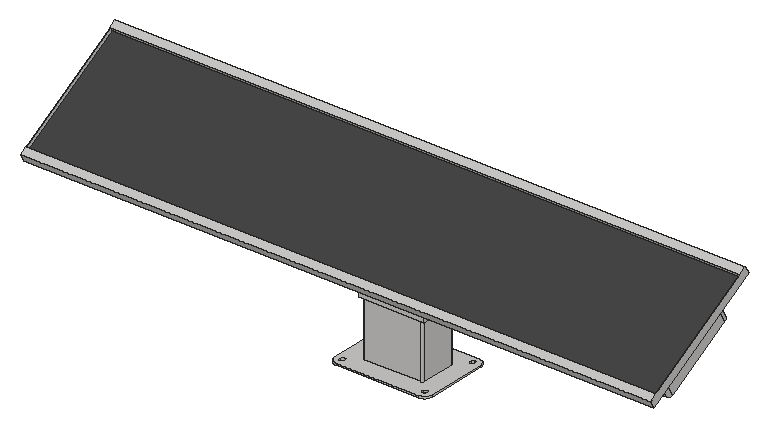
Revit family "Heater-Bromic-Platinum-Electric-Wall-Mounted2", category Mechanical Equipment, host Face, Revit 2020
Family settings
  Host = Face
  Round Connector Dimension = Use Diameter
  Classification = None
  Part Type = Normal
  OmniClass Number = 23.75.10.14
  OmniClass Title = Independent Electric Heating Units
  Cut with Voids When Loaded = Yes
  Shared = No
  Room Calculation Point = No
Parameters (values of type "Not a Type - Laod Type Catalog!")
  calcWidth = if(Heater Type Selector = 1, 7.17", if(Heater Type Selector = 2, 7.17", 10.1"))  # 7.17"
  calcSuspendedHeight [instance] = 9.64567"  # constant formula
  calcLength = if(Heater Type Selector = 1, 33.07", if(Heater Type Selector = 2, 50.2", 53.2"))  # 33.07"
  calcDepth = 2.12598"  # constant formula
  Width = 7"  # constant formula
  Weight = if(Heater Type Selector = 1, 16.50 lbm, if(Heater Type Selector = 2, 22.00 lbm, 16.50 lbm))  # 16.50 lbm
  Wattage = if(Heater Type Selector = 1, 2300 W, if(Heater Type Selector = 2, 3400 W, 4500 W))  # 2300 W
  Voltage = 208 V
  Utility = no
  URL = "https://www.bromic.com/product/platinum-smart-heat-electric/"
  ProductCode = "ProductCode not specified - Load Type Catalog!"
  Product data url = "https://www.bimobject.com/bromic-heating/product/platinum-smart-heat-electric"
  Power Factor = 1
  Number of Poles = 1
  Mounting Type Info [instance] = "Wall Mounted - Angle Mount"  # constant formula
  Material = Metal-Steel-Stainless-Bromic
  Masking_2 = no
  Masking_1 = yes
  Load Sub-Classification Motor = no
  Load Classification = Power
  Length = if(Heater Type Selector = 2, 50.2", 33")  # 33"
  Heater Type Selector = 1
  Screen Material = Ceramic-Tinted-Bromic-Black
  Show Clearance [instance] = no
  Model = "Platinum Smart-Heat™ Electric"  # constant formula
  Manufacturer = "Bromic Heating"  # constant formula
  Head Clearance = 6"  # constant formula
  Frequency = 50 Hz
  Floor Clearance = 72"  # constant formula
  End Clearance = 12"  # constant formula
  Description = "The Platinum Smart-Heat™ Electric excels in efficiency, packing profound performance into a sleek package to suit high-end, style-centric settings. Designed specifically with low-clearance, semi-enclosed and aesthetically-focused spaces in mind, this heater minimizes light emission to blend seamlessly into rooflines with the aid of recess kits or stylishly mount to a number of other surfaces."  # constant formula
  Depth = 2"  # constant formula
  Default Elevation = 48"
  Connector Description = ""
  Approximate Heat Area = if(Heater Type Selector = 1, 65.00 SF, if(Heater Type Selector = 2, 108.00 SF, 65.00 SF))  # 65.00 SF
  Apparent Load = if(Heater Type Selector = 1, 2300 VA, if(Heater Type Selector = 2, 3400 VA, 4500 VA))  # 2300 VA
  Angle [instance] = 60.00°  # constant formula
Reference planes (in)
  plane 1 "Center (Front/Back)": y = 0
  plane 2: z = 0
  plane 3 "Center (Left/Right)": x = 0
  plane 4: z = 7.44094
  plane 5: z = 9.64567
  plane 6: x = -16.535
  plane 7: x = -28.535
  plane 8: x = 16.535
  plane 9: x = 28.535
  plane 10: y = 3.585
  plane 11: y = -3.585
  plane 12: y = 7.69291
  plane 13: y = -76.80315
  plane 14: z = 0.07874
  plane 15: z = 4.72293
  plane 16: z = 7.51969
  plane 17: x = -17.12555
  plane 18: x = 17.12555
  plane 19: y = -0.5748
  plane 20: z = 6.02362
  plane 21: y = 1.69291
  plane 22: y = -4.80315
Forms (in)
  Extrusion 1, solid, material "Metal-Steel-Stainless-Bromic" <- "Material", detail levels coarse+medium
    sketch origin (0, 0, 0) x (1, 0, 0) y (0, 1, 0)
      loop
        arc (-2.55906, -1.5748) -> (-2.44374, -1.85319) -> (-2.16535, -1.9685) r 0.3937
        line (-2.16535, -1.9685) -> (2.16535, -1.9685)
        arc (2.16535, -1.9685) -> (2.44374, -1.85319) -> (2.55906, -1.5748) r 0.3937
        line (2.55906, -1.5748) -> (2.55906, 1.5748)
        arc (2.55906, 1.5748) -> (2.44374, 1.85319) -> (2.16535, 1.9685) r 0.3937
        line (2.16535, 1.9685) -> (-2.16535, 1.9685)
        arc (-2.16535, 1.9685) -> (-2.44374, 1.85319) -> (-2.55906, 1.5748) r 0.3937
        line (-2.55906, 1.5748) -> (-2.55906, -1.5748)
    from 0 to 0.07874
  Extrusion 2, solid, material "Metal-Steel-Stainless-Bromic" <- "Material", detail levels fine
    sketch origin (0, 0, 0) x (1, 0, 0) y (0, 1, 0)
      loop
        arc (-2.55906, -1.5748) -> (-2.44374, -1.85319) -> (-2.16535, -1.9685) r 0.3937
        line (-2.16535, -1.9685) -> (2.16535, -1.9685)
        arc (2.16535, -1.9685) -> (2.44374, -1.85319) -> (2.55906, -1.5748) r 0.3937
        line (2.55906, -1.5748) -> (2.55906, 1.5748)
        arc (2.55906, 1.5748) -> (2.44374, 1.85319) -> (2.16535, 1.9685) r 0.3937
        line (2.16535, 1.9685) -> (-2.16535, 1.9685)
        arc (-2.16535, 1.9685) -> (-2.44374, 1.85319) -> (-2.55906, 1.5748) r 0.3937
        line (-2.55906, 1.5748) -> (-2.55906, -1.5748)
      loop
        circle (-2.16535, -1.5748) r 0.12795
      loop
        circle (2.16535, -1.5748) r 0.12795
      loop
        circle (2.16535, 1.5748) r 0.12795
      loop
        circle (-2.16535, 1.5748) r 0.12795
    from 0 to 0.07874
  Extrusion 3, solid, material "Metal-Steel-Stainless-Bromic" <- "Material"
    sketch origin (0, 0, -1.20079) x (0, 1, 0) y (0, 0, 1)
      loop
        line (1.06299, 4.15354) -> (1.06299, 6.35617) -> (0.31695, 7.64834) -> (-1.38782, 6.66409) -> (-1.06299, 6.10147) -> (-1.06299, 4.15354) -> (1.06299, 4.15354)
    from -1.69291 to 1.69291
  Extrusion 4, solid, material "Metal-Steel-Stainless-Bromic" <- "Material"
    sketch origin (0, 2.55118, 0) x (1, 0, 0) y (0, 1, 0)
      loop
        line (-1.5748, -1.64567) -> (-1.5748, -3.41732)
        arc (-1.5748, -3.41732) -> (-1.54021, -3.50084) -> (-1.45669, -3.53543) r 0.11811
        line (-1.45669, -3.53543) -> (1.45669, -3.53543)
        arc (1.45669, -3.53543) -> (1.54021, -3.50084) -> (1.5748, -3.41732) r 0.11811
        line (1.5748, -3.41732) -> (1.5748, -1.64567)
        arc (1.5748, -1.64567) -> (1.55174, -1.58999) -> (1.49606, -1.56693) r 0.07874
        line (1.49606, -1.56693) -> (-1.49606, -1.56693)
        arc (-1.49606, -1.56693) -> (-1.55174, -1.58999) -> (-1.5748, -1.64567) r 0.07874
    from 0.07874 to 2.95276
  Extrusion 5, solid, material "Metal-Steel-Stainless-Bromic" <- "Material"
    sketch origin (0, 0, 0) x (0, 1, 0) y (0, 0, 1)
      loop
        line (0.99886, 6.84126) -> (0.95949, 6.90945) -> (-2.1091, 5.1378) -> (-2.06973, 5.0696) -> (0.99886, 6.84126)
    from -2.75591 to 2.75591
Lines and regions (in)
  Masking region 1, visible <- "Masking_1"
    outline origin (0, 0, 0) x (1, 0, 0) y (0, 0, 1)
      loop
        line (16.535, 9.28223) -> (16.535, 9.65728) -> (-16.535, 9.65728) -> (-16.535, 9.28223) -> (16.535, 9.28223)
  Masking region 2, visible <- "Masking_1"
    outline origin (0, 0, 0) x (1, 0, 0) y (0, 0, 1)
      loop
        spline (15.55075, 7.10746) -> (15.57644, 7.10662) -> (15.6017, 7.10411) -> (15.62608, 7.09997) -> (15.64917, 7.09427) -> (15.67058, 7.08712) -> (15.68994, 7.07863) -> (15.70692, 7.06895) -> (15.72123, 7.05825) -> (15.73261, 7.0467) -> (15.74089, 7.03451) -> (15.74591, 7.02188) -> (15.7476, 7.00904)
        line (15.7476, 7.00904) -> (15.7476, 8.47514)
        spline (15.7476, 8.47514) -> (15.74591, 8.48799) -> (15.74089, 8.50062) -> (15.73261, 8.51281) -> (15.72123, 8.52435) -> (15.70692, 8.53506) -> (15.68994, 8.54474) -> (15.67058, 8.55323) -> (15.64917, 8.56038) -> (15.62608, 8.56607) -> (15.6017, 8.57021) -> (15.57644, 8.57272) -> (15.55075, 8.57357)
        line (15.55075, 8.57357) -> (-15.55075, 8.57357)
        spline (-15.55075, 8.57357) -> (-15.57644, 8.57272) -> (-15.6017, 8.57021) -> (-15.62608, 8.56607) -> (-15.64917, 8.56038) -> (-15.67058, 8.55323) -> (-15.68994, 8.54474) -> (-15.70692, 8.53506) -> (-15.72123, 8.52435) -> (-15.73261, 8.51281) -> (-15.74089, 8.50062) -> (-15.74591, 8.48799) -> (-15.7476, 8.47514)
        line (-15.7476, 8.47514) -> (-15.7476, 7.00904)
        spline (-15.7476, 7.00904) -> (-15.74591, 7.02188) -> (-15.74089, 7.03451) -> (-15.73261, 7.0467) -> (-15.72123, 7.05825) -> (-15.70692, 7.06895) -> (-15.68994, 7.07863) -> (-15.67058, 7.08712) -> (-15.64917, 7.09427) -> (-15.62608, 7.09997) -> (-15.6017, 7.10411) -> (-15.57644, 7.10662) -> (-15.55075, 7.10746)
        line (-15.55075, 7.10746) -> (15.55075, 7.10746)
  Masking region 3, visible <- "Masking_1"
    outline origin (0, 0, 0) x (1, 0, 0) y (0, 0, 1)
      loop
        line (15.7476, 8.48471) -> (15.7476, 5.69723) -> (16.535, 5.69723) -> (16.535, 9.28223) -> (-16.535, 9.28223) -> (-16.535, 5.69723) -> (-15.75173, 5.69723) -> (-15.75173, 8.47732)
        arc (-15.75173, 8.47732) -> (-15.683, 8.549) -> (-15.58679, 8.57357) r 0.18078
        line (-15.58679, 8.57357) -> (15.58679, 8.57357)
        arc (15.58679, 8.57357) -> (15.67932, 8.55109) -> (15.7476, 8.48471) r 0.18078
  Masking region 4
    outline origin (0, 0, 0) x (1, 0, 0) y (0, 0, 1)
      loop
        line (1.5748, 0.07874) -> (1.5748, 2.95276) -> (1.69291, 2.95276) -> (1.69291, 5.0696) -> (2.75591, 5.0696) -> (2.75591, 6.90945) -> (-2.75591, 6.90945) -> (-2.75591, 5.0696) -> (-1.69291, 5.0696) -> (-1.69291, 2.95276) -> (-1.5748, 2.95276) -> (-1.5748, 0.07874) -> (-2.55906, 0.07874) -> (-2.55906, 0) -> (2.55906, 0) -> (2.55906, 0.07874) -> (1.5748, 0.07874)
  Masking region 5, visible <- "Masking_1"
    outline origin (0, 0, 0) x (1, 0, 0) y (0, 0, 1)
      loop
        line (15.7476, 5.03821) -> (15.7476, 7.01861)
        arc (15.7476, 7.01861) -> (15.67932, 7.08499) -> (15.58679, 7.10746) r 0.18078
        line (15.58679, 7.10746) -> (-15.58679, 7.10746)
        arc (-15.58679, 7.10746) -> (-15.67932, 7.08499) -> (-15.7476, 7.01861) r 0.18078
        line (-15.7476, 7.01861) -> (-15.7476, 5.03821)
        spline (-15.7476, 5.03821) -> (-15.74591, 5.02536) -> (-15.74089, 5.01273) -> (-15.73261, 5.00054) -> (-15.72123, 4.989) -> (-15.70692, 4.97829) -> (-15.68994, 4.96861) -> (-15.67058, 4.96012) -> (-15.64917, 4.95297) -> (-15.62608, 4.94728) -> (-15.6017, 4.94314) -> (-15.57644, 4.94063) -> (-15.55075, 4.93978)
        line (-15.55075, 4.93978) -> (-1.69291, 4.93978) -> (-1.69291, 5.0696) -> (-2.75591, 5.0696) -> (-2.75591, 6.90945) -> (2.75591, 6.90945) -> (2.75591, 5.0696) -> (1.69291, 5.0696) -> (1.69291, 4.93978) -> (15.55075, 4.93978)
        spline (15.55075, 4.93978) -> (15.57644, 4.94063) -> (15.6017, 4.94314) -> (15.62608, 4.94728) -> (15.64917, 4.95297) -> (15.67058, 4.96012) -> (15.68994, 4.96861) -> (15.70692, 4.97829) -> (15.72123, 4.989) -> (15.73261, 5.00054) -> (15.74089, 5.01273) -> (15.74591, 5.02536) -> (15.7476, 5.03821)
  Masking region 6, visible <- "Masking_2"
    outline origin (0, 0, 0) x (1, 0, 0) y (0, 0, 1)
      loop
        line (16.535, 10.01473) -> (16.535, 10.38978) -> (-16.535, 10.38978) -> (-16.535, 10.01473) -> (16.535, 10.01473)
  Masking region 7, visible <- "Masking_2"
    outline origin (0, 0, 0.7325) x (1, 0, 0) y (0, 0, 1)
      loop
        spline (15.55075, 7.10746) -> (15.57644, 7.10662) -> (15.6017, 7.10411) -> (15.62608, 7.09997) -> (15.64917, 7.09427) -> (15.67058, 7.08712) -> (15.68994, 7.07863) -> (15.70692, 7.06895) -> (15.72123, 7.05825) -> (15.73261, 7.0467) -> (15.74089, 7.03451) -> (15.74591, 7.02188) -> (15.7476, 7.00904)
        line (15.7476, 7.00904) -> (15.7476, 8.47514)
        spline (15.7476, 8.47514) -> (15.74591, 8.48799) -> (15.74089, 8.50062) -> (15.73261, 8.51281) -> (15.72123, 8.52435) -> (15.70692, 8.53506) -> (15.68994, 8.54474) -> (15.67058, 8.55323) -> (15.64917, 8.56038) -> (15.62608, 8.56607) -> (15.6017, 8.57021) -> (15.57644, 8.57272) -> (15.55075, 8.57357)
        line (15.55075, 8.57357) -> (-15.55075, 8.57357)
        spline (-15.55075, 8.57357) -> (-15.57644, 8.57272) -> (-15.6017, 8.57021) -> (-15.62608, 8.56607) -> (-15.64917, 8.56038) -> (-15.67058, 8.55323) -> (-15.68994, 8.54474) -> (-15.70692, 8.53506) -> (-15.72123, 8.52435) -> (-15.73261, 8.51281) -> (-15.74089, 8.50062) -> (-15.74591, 8.48799) -> (-15.7476, 8.47514)
        line (-15.7476, 8.47514) -> (-15.7476, 7.00904)
        spline (-15.7476, 7.00904) -> (-15.74591, 7.02188) -> (-15.74089, 7.03451) -> (-15.73261, 7.0467) -> (-15.72123, 7.05825) -> (-15.70692, 7.06895) -> (-15.68994, 7.07863) -> (-15.67058, 7.08712) -> (-15.64917, 7.09427) -> (-15.62608, 7.09997) -> (-15.6017, 7.10411) -> (-15.57644, 7.10662) -> (-15.55075, 7.10746)
        line (-15.55075, 7.10746) -> (15.55075, 7.10746)
  Masking region 8, visible <- "Masking_2"
    outline origin (0, 0, 0.7325) x (1, 0, 0) y (0, 0, 1)
      loop
        line (15.7476, 8.48471) -> (15.7476, 4.23223) -> (16.535, 4.23223) -> (16.535, 9.28223) -> (-16.535, 9.28223) -> (-16.535, 4.23223) -> (-15.75173, 4.23223) -> (-15.75173, 8.47732)
        arc (-15.75173, 8.47732) -> (-15.683, 8.549) -> (-15.58679, 8.57357) r 0.18078
        line (-15.58679, 8.57357) -> (15.58679, 8.57357)
        arc (15.58679, 8.57357) -> (15.67932, 8.55109) -> (15.7476, 8.48471) r 0.18078
  Masking region 9, visible <- "Masking_2"
    outline origin (0, 0, 0) x (1, 0, 0) y (0, 0, 1)
      loop
        line (15.7476, 4.30571) -> (15.7476, 7.75111)
        arc (15.7476, 7.75111) -> (15.67932, 7.81749) -> (15.58679, 7.83996) r 0.18078
        line (15.58679, 7.83996) -> (-15.58679, 7.83996)
        arc (-15.58679, 7.83996) -> (-15.67932, 7.81749) -> (-15.7476, 7.75111) r 0.18078
        line (-15.7476, 7.75111) -> (-15.7476, 4.30571)
        spline (-15.7476, 4.30571) -> (-15.74591, 4.29286) -> (-15.74089, 4.28023) -> (-15.73261, 4.26804) -> (-15.72123, 4.2565) -> (-15.70692, 4.24579) -> (-15.68994, 4.23611) -> (-15.67058, 4.22762) -> (-15.64917, 4.22047) -> (-15.62608, 4.21478) -> (-15.6017, 4.21064) -> (-15.57644, 4.20813) -> (-15.55075, 4.20728)
        line (-15.55075, 4.20728) -> (-1.69291, 4.20728) -> (-1.69291, 5.0696) -> (-2.75591, 5.0696) -> (-2.75591, 6.90945) -> (2.75591, 6.90945) -> (2.75591, 5.0696) -> (1.69291, 5.0696) -> (1.69291, 4.20728) -> (15.55075, 4.20728)
        spline (15.55075, 4.20728) -> (15.57644, 4.20813) -> (15.6017, 4.21064) -> (15.62608, 4.21478) -> (15.64917, 4.22047) -> (15.67058, 4.22762) -> (15.68994, 4.23611) -> (15.70692, 4.24579) -> (15.72123, 4.2565) -> (15.73261, 4.26804) -> (15.74089, 4.28023) -> (15.74591, 4.29286) -> (15.7476, 4.30571)
  reference lines
    curve 1: line (0, -0.5748, 6.02362) -> (0, -0.38546, 5.69567)
    curve 2: line (0, -0.5748, 6.02362) -> (0, -0.36863, 6.14266)
  symbolic lines
    curve 3: line (1.5748, 0, 0.07874) -> (-1.5748, 0, 0.07874)
    curve 4: line (1.5748, 0, 2.95276) -> (-1.5748, 0, 2.95276)
    curve 5: line (-1.69291, 0, 5.15538) -> (-1.69291, 0, 6.44756)
    curve 6: line (-1.69291, 0, 6.44756) -> (1.69291, 0, 6.44756)
    curve 7: line (1.69291, 0, 6.44756) -> (1.69291, 0, 5.15538)
    curve 8: line (2.75591, 0, 6.84126) -> (-2.75591, 0, 6.84126)
    curve 9: line (1.69291, 0, 5.15538) -> (-1.69291, 0, 5.15538)
    curve 10: line (1.69291, 0, 5.15538) -> (1.69291, 0, 5.0696)
    curve 11: line (-1.69291, 0, 5.15538) -> (-1.69291, 0, 5.0696)
Dimensions and locks (in)
  equal spacing: plane 8, plane 3 "Center (Left/Right)", plane 6
  "calcLength": plane 8 to plane 6
  "End Clearance": plane 6 to plane 7
  "End Clearance": plane 9 to plane 8
  equal spacing: plane 11, plane 1 "Center (Front/Back)", plane 10
  "calcWidth": plane 11 to plane 10
  "Head Clearance": plane 21 to plane 12
  "Floor Clearance": plane 13 to plane 22
  locked: plane 2 to plane 14 at 0.07874
  plane 15 to plane 4 to plane 16 to plane 5 = 2.71801" locked, 0.07874" locked, 2.12598"
  "calcSuspendedHeight": plane 2 to plane 5
  locked: plane 17 to plane 6 at 0.59055
  locked: plane 8 to plane 18 at 0.59055
  locked: plane 1 "Center (Front/Back)" to plane 19 at 0.5748
  locked: plane 16 to plane 20 at 1.49606
  Extrusion 3 sketch curve to Extrusion 3 sketch curve to Extrusion 3 sketch curve to Extrusion 3 sketch curve to Extrusion 3 sketch curve to plane 16 = 1.94793" locked, 0.2547" locked, 0.30792" locked, 0.98425" locked, 1.07213" locked
  Extrusion 4 sketch curve to plane 1 "Center (Front/Back)" to Extrusion 4 sketch curve = 0.98425" locked, 0.98425" locked
  Extrusion 2 sketch curve to plane 1 "Center (Front/Back)" to Extrusion 2 sketch curve = 1.9685" locked, 1.9685" locked
  Extrusion 2 sketch curve to plane 3 "Center (Left/Right)" to Extrusion 2 sketch curve = 2.55906" locked, 2.55906" locked
  Extrusion 1 sketch curve to plane 1 "Center (Front/Back)" to Extrusion 1 sketch curve = 1.9685" locked, 1.9685" locked
  Extrusion 1 sketch curve to plane 3 "Center (Left/Right)" to Extrusion 1 sketch curve = 2.55906" locked, 2.55906" locked
  locked: plane 21 to plane 1 "Center (Front/Back)" at 1.69291
  locked: plane 21 to plane 22 at 6.49606
  locked: Extrusion 5 sketch curve to Extrusion 3 at 0.7874  (x2)
  locked: Extrusion 5 sketch curve to Extrusion 5 sketch curve at 0.07874
  "Angle": angle plane 2 to curve 1
  locked: curve 2 to curve 1 (angle 90.00°)
  locked: Extrusion 5 sketch curve to Extrusion 5 sketch curve (angle 90.00°)  (x3)
  aligned and locked: plane 2 to host face
  aligned and locked: level to host face
  aligned and locked: plane 2 to nested 2
  aligned and locked: nested 2 to plane 7
  aligned and locked: plane 9 to nested 2
  aligned and locked: nested 2 to plane 12
  aligned and locked: nested 2 to plane 13
  aligned and locked: Extrusion 2 to plane 14
  aligned and locked: Extrusion 1 to plane 14
  aligned and locked: Extrusion 2 to plane 2
  aligned and locked: Extrusion 1 to plane 2
  aligned and locked: plane 19 to curve 1
  aligned and locked: nested 1 to curve 1
  aligned and locked: nested 1 to plane 3 "Center (Left/Right)"
  aligned and locked: plane 14 to Extrusion 4
  aligned and locked: Extrusion 4 to Extrusion 3
  aligned and locked: plane 20 to curve 2
  aligned and locked: Extrusion 5 sketch curve to Extrusion 3
  aligned and locked: nested 2 to plane 5
Automatic sketch dimensions
  host sketch curve to host sketch curve = 96"  (x2)
  Extrusion 1 sketch curve to Extrusion 1 sketch curve = 0.3937"  (x3)
  Extrusion 1 sketch curve to plane 1 "Center (Front/Back)" = 1.5748"
  plane 3 "Center (Left/Right)" to Extrusion 2 sketch curve = 2.16535"
  Extrusion 4 sketch curve to Extrusion 4 sketch curve = 0.07874"  (x2)
  Extrusion 4 sketch curve to Extrusion 4 sketch curve = 0.11811"  (x2)
  Extrusion 2 sketch curve to Extrusion 2 sketch curve = 0"  (x8)
  Extrusion 2 sketch curve to Extrusion 2 sketch curve = 0.3937"  (x3)
  Extrusion 3 sketch curve to plane 19 = 0.81302"
  Extrusion 3 sketch curve to Extrusion 3 sketch curve = 0.32483"
  Extrusion 4 sketch curve to plane 3 "Center (Left/Right)" = 1.5748"
  plane 3 "Center (Left/Right)" to Extrusion 4 sketch curve = 1.45669"
  Masking region 1 sketch curve to plane 6 = 0"
  Masking region 1 sketch curve to plane 8 = 0"
  plane 5 to Masking region 1 sketch curve = 0.36344"
  Masking region 1 sketch curve to plane 5 = 0.01161"
  plane 6 to Masking region 2 sketch curve = 0.7874"
  Masking region 2 sketch curve to Masking region 2 sketch curve = 0.19685"  (x4)
  Masking region 2 sketch curve to plane 8 = 0.98425"
  Masking region 2 sketch curve to plane 4 = 0.33348"
  Masking region 2 sketch curve to Masking region 2 sketch curve = 0.09843"  (x3)
  Masking region 2 sketch curve to plane 16 = 0.95546"
  Masking region 2 sketch curve to plane 16 = 1.05388"
  Masking region 3 sketch curve to plane 6 = 0"
  Masking region 3 sketch curve to plane 8 = 0"
  Masking region 3 sketch curve to plane 20 = 0.32639"  (x2)
  Masking region 3 sketch curve to Masking region 3 sketch curve = 0.78327"
  Masking region 3 sketch curve to Masking region 3 sketch curve = 0.15984"
  Masking region 3 sketch curve to Masking region 3 sketch curve = 0.0051"  (x2)
  Masking region 3 sketch curve to plane 8 = 0.94821"
  Masking region 3 sketch curve to plane 16 = 0.87317"  (x2)
  Masking region 3 sketch curve to Masking region 3 sketch curve = 0.08447"
  plane 5 to Masking region 3 sketch curve = 0.36344"
  Masking region 3 sketch curve to Masking region 3 sketch curve = 0.15571"
  Masking region 4 sketch curve to level = 0"
  Masking region 4 sketch curve to plane 14 = 0"  (x2)
  Masking region 4 sketch curve to plane 15 = 0.34667"  (x2)
  Masking region 4 sketch curve to plane 3 "Center (Left/Right)" = 2.75591"
  Masking region 4 sketch curve to plane 3 "Center (Left/Right)" = 2.55906"
  Masking region 4 sketch curve to Masking region 4 sketch curve = 1.06299"  (x2)
  Masking region 4 sketch curve to Masking region 4 sketch curve = 0.11811"  (x2)
  plane 3 "Center (Left/Right)" to Masking region 4 sketch curve = 1.69291"
  plane 3 "Center (Left/Right)" to Masking region 4 sketch curve = 2.55906"
  Masking region 4 sketch curve to plane 4 = 0.5315"
  plane 15 to Masking region 4 sketch curve = 1.77018"  (x2)
  curve 3 to plane 14 = 0"
  curve 9 to plane 15 = 0.43245"
  curve 9 to plane 3 "Center (Left/Right)" = 1.69291"
  plane 3 "Center (Left/Right)" to curve 9 = 1.69291"
  plane 20 to curve 6 = 0.42394"
  curve 8 to curve 5 = 1.06299"
  curve 3 to plane 3 "Center (Left/Right)" = 1.5748"
  curve 4 to plane 3 "Center (Left/Right)" = 1.5748"
  plane 3 "Center (Left/Right)" to curve 3 = 1.5748"
  plane 3 "Center (Left/Right)" to curve 4 = 1.5748"
  curve 6 to curve 8 = 1.06299"
  plane 15 to curve 4 = 1.77018"
  curve 10 to curve 7 = 0.08578"
  curve 11 to curve 5 = 0.08578"
  curve 8 to plane 4 = 0.59969"
  Masking region 5 sketch curve to plane 15 = 0.31528"
  plane 6 to Masking region 5 sketch curve = 0.7874"
  Masking region 5 sketch curve to Masking region 5 sketch curve = 0.15571"
  Masking region 5 sketch curve to Masking region 5 sketch curve = 0.0051"  (x2)
  Masking region 5 sketch curve to Masking region 5 sketch curve = 0.19685"  (x2)
  Masking region 5 sketch curve to plane 4 = 0.5315"
  Masking region 5 sketch curve to plane 3 "Center (Left/Right)" = 2.75591"
  Masking region 5 sketch curve to plane 15 = 0.21685"  (x2)
  Masking region 5 sketch curve to Masking region 5 sketch curve = 1.06299"  (x2)
  plane 3 "Center (Left/Right)" to Masking region 5 sketch curve = 1.69291"
  Masking region 5 sketch curve to plane 8 = 0.98425"
  Masking region 5 sketch curve to plane 4 = 0.33348"
  Masking region 5 sketch curve to plane 8 = 0.94821"
  Masking region 5 sketch curve to Masking region 5 sketch curve = 0.09843"
  Masking region 5 sketch curve to plane 15 = 0.34667"
  Masking region 5 sketch curve to Masking region 5 sketch curve = 0.12982"
  Masking region 5 sketch curve to Masking region 5 sketch curve = 0.18071"  (x2)
  plane 6 to Masking region 7 sketch curve = 0.7874"
  Masking region 7 sketch curve to Masking region 7 sketch curve = 0.19685"  (x3)
  Masking region 7 sketch curve to plane 8 = 0.98425"  (x2)
  plane 5 to Masking region 7 sketch curve = 1.90413"  (x2)
  Masking region 7 sketch curve to Masking region 7 sketch curve = 0.09843"  (x2)
  Masking region 7 sketch curve to Masking region 7 sketch curve = 1.36768"  (x2)
  plane 6 to Masking region 9 sketch curve = 0.7874"
  Masking region 9 sketch curve to Masking region 9 sketch curve = 0.15571"  (x2)
  Masking region 9 sketch curve to Masking region 9 sketch curve = 0.0051"  (x2)
  Masking region 9 sketch curve to Masking region 9 sketch curve = 0.19685"
  Masking region 9 sketch curve to plane 3 "Center (Left/Right)" = 2.75591"
  Masking region 9 sketch curve to Masking region 9 sketch curve = 1.06299"  (x2)
  plane 3 "Center (Left/Right)" to Masking region 9 sketch curve = 1.69291"
  Masking region 9 sketch curve to plane 8 = 0.98425"
  Masking region 9 sketch curve to plane 8 = 0.94821"
  plane 5 to Masking region 9 sketch curve = 5.43839"
  Masking region 9 sketch curve to Masking region 9 sketch curve = 0"
  Masking region 9 sketch curve to Masking region 9 sketch curve = 0.09843"  (x2)
  Masking region 9 sketch curve to Masking region 9 sketch curve = 0.86232"  (x2)
  Masking region 9 sketch curve to Masking region 9 sketch curve = 1.83984"
  Masking region 9 sketch curve to Masking region 9 sketch curve = 3.35354"  (x2)
  Masking region 9 sketch curve to Masking region 9 sketch curve = 0.09186"
  Masking region 6 sketch curve to plane 6 = 0"
  Masking region 6 sketch curve to plane 8 = 0"
  Masking region 6 sketch curve to plane 5 = 0.36906"
  Masking region 6 sketch curve to Masking region 6 sketch curve = 0.37505"
  Masking region 8 sketch curve to plane 6 = 0"
  Masking region 8 sketch curve to plane 8 = 0"
  Masking region 8 sketch curve to plane 15 = 0.24179"  (x2)
  Masking region 8 sketch curve to Masking region 8 sketch curve = 0.78327"
  Masking region 8 sketch curve to Masking region 8 sketch curve = 0.15984"
  Masking region 8 sketch curve to Masking region 8 sketch curve = 0.0051"  (x2)
  plane 5 to Masking region 8 sketch curve = 0.3396"
  Masking region 8 sketch curve to plane 8 = 0.94821"
  Masking region 8 sketch curve to Masking region 8 sketch curve = 0.15571"
  Masking region 8 sketch curve to Masking region 8 sketch curve = 0.18071"  (x2)
  Masking region 8 sketch curve to plane 5 = 0.36906"
  radius of Extrusion 2 sketch curve = 0.12795"  (x4)
Nested families (in)
  nested 1: "X-Heater-Electric-Bromic-Smart Heat-Platinum" at (0, -0.5748, 6.02362) x (-1, 0, 0) z (0, -0.5, 0.866), type "X-Heater-Electric-Bromic-Smart Heat-Platinum"
    with Width_ANZRS 7.17", Length_ANZRS 33.07"
  nested 2: "Clearance Zone" at (0, -34.55512, 0), visible <- "Show Clearance", type "Standard"
    with Width 57.07", Height 9.64567", Equipment Finish Clearance Zone, Depth 84.49606"
Connectors (in)
  electrical at (0, -0.5748, 6.02362), driven by "Voltage", driven by "Apparent Load", driven by "Power Factor", driven by "Number of Poles", driven by "Load Classification", driven by "Load Sub-Classification Motor", driven by "Utility", driven by "Connector Description"
    settings: on nested 1, index 1, voltage 208 V, apparent load 2300 VA, apparent load phase1 0 VA, apparent load phase2 0 VA, apparent load phase3 0 VA, power factor 1, load classification "Power", number of poles 1, system type 30, power factor state 1, is connector primary yes, connector utility no, sub classification motor no, connector description ""
Definition of nested family "X-Heater-Electric-Bromic-Smart Heat-Platinum"
  Parameters (values of type "X-Heater-Electric-Bromic-Smart Heat-Platinum")
    Width_ANZRS = 7.16535"
    Screen Material = none
    Material_ANZRS = none
    Length_ANZRS = 33.07087"
    Depth_ANZRS = 2.12598"
    Default Elevation = 48"
  Reference planes (in)
    plane 1 "Center (Front/Back)": y = 0
    plane 2: z = 0
    plane 3 "Center (Left/Right)": x = 0
    plane 4: x = -16.53543
    plane 5: x = 16.53543
    plane 6: y = 3.58268
    plane 7: y = -3.58268
    plane 8: z = 2.12598
    plane 9: z = 1.69291
    plane 10: z = 1.9685
  Forms (in)
    Extrusion 1, solid
      sketch origin (0, 0, 0) x (1, 0, 0) y (0, 1, 0)
        loop
          line (-48, 48) -> (-48, -48) -> (48, -48) -> (48, 48) -> (-48, 48)
      from 0 to -12
    Extrusion 2, solid, material <- "Material_ANZRS"
      sketch origin (0, 0, 0) x (1, 0, 0) y (0, 1, 0)
        loop
          arc (-15.55118, 2.16535) -> (-15.69038, 2.1077) -> (-15.74803, 1.9685) r 0.19685
          line (-15.74803, 1.9685) -> (-15.74803, -1.9685)
          arc (-15.74803, -1.9685) -> (-15.69038, -2.1077) -> (-15.55118, -2.16535) r 0.19685
          line (-15.55118, -2.16535) -> (15.55118, -2.16535)
          arc (15.55118, -2.16535) -> (15.69038, -2.1077) -> (15.74803, -1.9685) r 0.19685
          line (15.74803, -1.9685) -> (15.74803, 1.9685)
          arc (15.74803, 1.9685) -> (15.69038, 2.1077) -> (15.55118, 2.16535) r 0.19685
          line (15.55118, 2.16535) -> (-15.55118, 2.16535)
      from 0 to 1.69291
    Extrusion 3, solid, material <- "Material_ANZRS"
      sketch origin (0, 0, 0) x (0, 1, 0) y (0, 0, 1)
        loop
          line (3.58268, 2.12598) -> (3.17913, 2.12598) -> (3.17913, 1.75197) -> (-3.17913, 1.75197) -> (-3.17913, 2.12598) -> (-3.58268, 2.12598) -> (-3.58268, 1.69291) -> (3.58268, 1.69291) -> (3.58268, 2.12598)
      from -16.53543 to 16.53543
    Extrusion 4, solid, material <- "Screen Material"
      sketch origin (0, 0, 0) x (1, 0, 0) y (0, 1, 0)
        loop
          line (-16.41732, 3.17913) -> (-16.41732, -3.17913) -> (16.41732, -3.17913) -> (16.41732, 3.17913) -> (-16.41732, 3.17913)
      from 1.75197 to 1.9685
    Extrusion 5, solid, material <- "Material_ANZRS"
      sketch origin (0, 0, 0) x (1, 0, 0) y (0, 0, 1)
        loop
          line (-16.53543, 2.04724) -> (-16.53543, 1.75197) -> (-16.49606, 1.75197) -> (-16.49606, 2.04724) -> (-16.53543, 2.04724)
        loop
          line (16.53543, 2.04724) -> (16.49606, 2.04724) -> (16.49606, 1.75197) -> (16.53543, 1.75197) -> (16.53543, 2.04724)
      from -3.17913 to 3.17913
  Cuts and joins
    joined: Extrusion 3, Extrusion 5
  Dimensions and locks (in)
    equal spacing: plane 4, plane 3 "Center (Left/Right)", plane 5
    "Length_ANZRS": plane 4 to plane 5
    equal spacing: plane 7, plane 1 "Center (Front/Back)", plane 6
    "Width_ANZRS": plane 7 to plane 6
    "Depth_ANZRS": plane 8 to plane 2
    locked: plane 7 to Extrusion 2 sketch curve at 1.41732
    locked: plane 4 to Extrusion 2 sketch curve at 0.7874
    locked: Extrusion 2 sketch curve to plane 6 at 1.41732
    locked: Extrusion 2 sketch curve to plane 5 at 0.7874
    locked: plane 8 to plane 9 at 0.43307
    locked: Extrusion 3 sketch curve to plane 7 at 0.40354
    locked: plane 6 to Extrusion 3 sketch curve at 0.40354
    locked: Extrusion 3 sketch curve to plane 9 at 0.05906
    locked: plane 4 to Extrusion 4 sketch curve at 0.11811
    locked: Extrusion 4 sketch curve to plane 5 at 0.11811
    locked: plane 8 to plane 10 at 0.15748
    locked: Extrusion 5 sketch curve to plane 10 at 0.07874  (x2)
    locked: Extrusion 5 sketch curve to plane 4 at 0.03937
    locked: plane 5 to Extrusion 5 sketch curve at 0.03937
    aligned and locked: plane 2 to Extrusion 1
    aligned and locked: level to Extrusion 1
    aligned and locked: Extrusion 2 to plane 2
    aligned and locked: plane 9 to Extrusion 2
    aligned and locked: plane 7 to Extrusion 3 sketch curve
    aligned and locked: plane 9 to Extrusion 3 sketch curve
    aligned and locked: plane 8 to Extrusion 3 sketch curve
    aligned and locked: Extrusion 3 sketch curve to plane 8
    aligned and locked: plane 6 to Extrusion 3 sketch curve
    aligned and locked: plane 5 to Extrusion 3
    aligned and locked: Extrusion 3 to plane 4
    aligned and locked: Extrusion 3 to Extrusion 4 sketch curve  (x2)
    aligned and locked: Extrusion 4 to Extrusion 3
    aligned and locked: Extrusion 4 to plane 10
    aligned and locked: Extrusion 3 to Extrusion 5 sketch curve
    aligned and locked: plane 4 to Extrusion 5 sketch curve
    aligned and locked: plane 5 to Extrusion 5 sketch curve
    aligned and locked: Extrusion 5 sketch curve to Extrusion 3
    aligned and locked: Extrusion 5 to Extrusion 3  (x2)
  Automatic sketch dimensions
    Extrusion 1 sketch curve to Extrusion 1 sketch curve = 96"  (x2)
    Extrusion 2 sketch curve to Extrusion 2 sketch curve = 0.19685"  (x4)
Definition of nested family "Clearance Zone"
  Parameters (values of type "Standard")
    Width [instance] = 31.49606"
    URL = ""
    Manufacturer = ""
    Height [instance] = 22.83465"
    Equipment Finish [instance] = none
    Depth [instance] = 55.11811"
    Default Elevation = 0"
    Clearance Offset Top = 0"
    Clearance Offset Right = 0"
    Clearance Offset Left = 0"
    Clearance Offset Front = 0"
    Clearance Offset Bottom = 0"
    Clearance Offset Back = 0"
    Assembly Code = ""
  Reference planes (in)
    plane 1 "Center (Front/Back)": y = 0
    plane 2 "Bottom": z = 0
    plane 3 "Center (Left/Right)": x = 0
    plane 4 "Left": x = -15.74803
    plane 5 "Back": y = 27.55906
    plane 6 "Right": x = 15.74803
    plane 7 "Front": y = -27.55906
    plane 8 "Top": z = 22.83465
    plane 9 "Clearance Offset Right": x = 15.74803
    plane 10 "Clearance Offset Left": x = -15.74803
    plane 11 "Clearance Offset Back": y = 27.55906
    plane 12 "Clearance Offset Front": y = -27.55906
    plane 13 "Clearance Offset Top": z = 22.83465
    plane 14: z = 0
  Forms (in)
    Extrusion 1, solid, material <- "Equipment Finish"
      sketch origin (0, 0, 0) x (1, 0, 0) y (0, 1, 0)
        loop
          line (-15.74803, 27.55906) -> (-15.74803, -27.55906) -> (15.74803, -27.55906) -> (15.74803, 27.55906) -> (-15.74803, 27.55906)
      from 0 to 22.83465
  Lines and regions (in)
    symbolic lines
      curve 1: line (-15.74803, 0, 22.83465) -> (15.74803, 0, 22.83465)
      curve 2: line (-15.74803, 0, 0) -> (-15.74803, 0, 22.83465)
      curve 3: line (15.74803, 0, 0) -> (-15.74803, 0, 0)
      curve 4: line (15.74803, 0, 22.83465) -> (15.74803, 0, 0)
      curve 5: line (0, 27.55906, 22.83465) -> (0, -27.55906, 22.83465)
      curve 6: line (0, 27.55906, 0) -> (0, 27.55906, 22.83465)
      curve 7: line (0, -27.55906, 0) -> (0, 27.55906, 0)
      curve 8: line (0, -27.55906, 22.83465) -> (0, -27.55906, 0)
      curve 9: line (-15.74803, 27.55906, 0) -> (15.74803, 27.55906, 0)
      curve 10: line (-15.74803, -27.55906, 0) -> (-15.74803, 27.55906, 0)
      curve 11: line (15.74803, -27.55906, 0) -> (-15.74803, -27.55906, 0)
      curve 12: line (15.74803, 27.55906, 0) -> (15.74803, -27.55906, 0)
  Text (in)
    text "Copyright © Daikin Industries, Ltd. 2008" at (0.00043, 0.00036, 0), in view "Ref. Level"
  Dimensions and locks (in)
    equal spacing: plane 4 "Left", plane 3 "Center (Left/Right)", plane 6 "Right"
    "Width": plane 4 "Left" to plane 6 "Right"
    equal spacing: plane 5 "Back", plane 1 "Center (Front/Back)", plane 7 "Front"
    "Depth": plane 5 "Back" to plane 7 "Front"
    "Height": plane 8 "Top" to plane 2 "Bottom"
    "Clearance Offset Front": plane 12 "Clearance Offset Front" to plane 7 "Front"
    "Clearance Offset Back": plane 11 "Clearance Offset Back" to plane 5 "Back"
    "Clearance Offset Left": plane 10 "Clearance Offset Left" to plane 4 "Left"
    "Clearance Offset Right": plane 6 "Right" to plane 9 "Clearance Offset Right"
    "Clearance Offset Top": plane 13 "Clearance Offset Top" to plane 8 "Top"
    curve 3 to plane 14 = 0"
    "Clearance Offset Bottom": plane 2 "Bottom" to plane 14
    aligned and locked: plane 2 "Bottom" to level
    aligned and locked: plane 9 "Clearance Offset Right" to Extrusion 1 sketch curve
    aligned and locked: Extrusion 1 sketch curve to plane 11 "Clearance Offset Back"
    aligned and locked: plane 10 "Clearance Offset Left" to Extrusion 1 sketch curve
    aligned and locked: Extrusion 1 sketch curve to plane 12 "Clearance Offset Front"
    aligned and locked: curve 9 to Extrusion 1  (x2)
    aligned and locked: Extrusion 1 to curve 12
    aligned and locked: curve 12 to Extrusion 1
    aligned and locked: plane 13 "Clearance Offset Top" to Extrusion 1
    aligned and locked: Extrusion 1 to plane 14
    aligned and locked: Extrusion 1 to plane 10 "Clearance Offset Left"
    aligned and locked: Extrusion 1 to plane 9 "Clearance Offset Right"  (x2)
    aligned and locked: Extrusion 1 to plane 13 "Clearance Offset Top"  (x2)
    aligned and locked: plane 14 to Extrusion 1  (x2)
    aligned and locked: curve 1 to plane 13 "Clearance Offset Top"
    aligned and locked: plane 9 "Clearance Offset Right" to curve 4
    aligned and locked: plane 10 "Clearance Offset Left" to curve 2
    aligned and locked: plane 14 to curve 3
    aligned and locked: plane 10 "Clearance Offset Left" to Extrusion 1  (x2)
    aligned and locked: curve 8 to plane 12 "Clearance Offset Front"
    aligned and locked: curve 5 to plane 13 "Clearance Offset Top"
    aligned and locked: curve 6 to plane 11 "Clearance Offset Back"
    aligned and locked: plane 14 to curve 7
